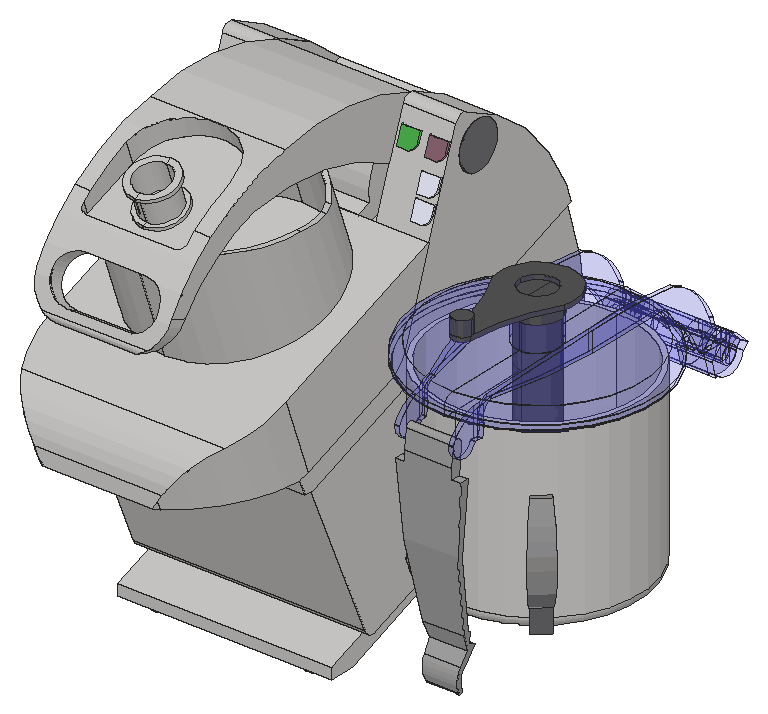
Revit family "QF_DITOSAMA_600436_DTRK55YG", category Specialty Equipment, Revit 2018 (continued)
Definition of nested family "QF_600532_BOWL"
  Lines and regions (mm)
    symbolic lines
      curve 50: arc (40.771, 54.948, 0) -> (114.476, -69.566, 0) -> (21.15, -180.138, 0) r 124.909
      curve 51: arc (-60.771, 41.751, 0) -> (-122.562, -68.863, 0) -> (-42.781, -167.295, 0) r 112.979
      curve 52: line (93.154, -162.392, 0) -> (78.293, -147.531, 0)
      curve 53: line (93.154, -162.392, 0) -> (74.048, -178.424, 0)
      curve 54: line (74.048, -178.424, 0) -> (61.96, -161.274, 0)
      curve 55: arc (-37.781, -168.686, 0) -> (-23.999, -171.284, 0) -> (-10, -172.155, 0) r 112.979
      curve 56: arc (-41.15, -180.138, 0) -> (-94.625, -151.05, 0) -> (-128, -100.142, 0) r 124.909
      curve 57: arc (22.781, -167.295, 0) -> (102.562, -68.863, 0) -> (40.771, 41.751, 0) r 112.979
      curve 58: arc (16.15, -181.317, 0) -> (3.148, -183.391, 0) -> (-10, -184.085, 0) r 124.909
      curve 59: line (16.15, -211, 0) -> (16.15, -177.864, 0)
      curve 60: line (-36.15, -211, 0) -> (-36.15, -177.864, 0)
      curve 61: line (-41.15, -211, 0) -> (21.15, -211, 0)
      curve 62: line (22.008, -210.888, 0) -> (22.008, -197.61, 0)
      curve 63: spline (-42.008, -197.61, 0) -> (-41.937, -197.617, 0) -> (-41.865, -197.622, 0) -> (-41.794, -197.626, 0) -> (-41.722, -197.627, 0) -> (-41.651, -197.627, 0) -> (-41.579, -197.625, 0) -> (-41.508, -197.621, 0) -> (-41.436, -197.615, 0) -> (-41.365, -197.608, 0) -> (-41.293, -197.598, 0) -> (-41.222, -197.587, 0) -> (-41.15, -197.574, 0)
      curve 64: line (-42.008, -210.888, 0) -> (-42.008, -197.61, 0)
      curve 65: arc (-128, -18.211, 0) -> (-101.973, 25.34, 0) -> (-60.771, 54.948, 0) r 124.909
      curve 66: arc (-128, -100.142, 0) -> (-134.909, -59.177, 0) -> (-128, -18.211, 0) r 124.909
      curve 67: line (-108, -177.764, 0) -> (-49.233, -177.764, 0)
      curve 68: line (-128, 191, 0) -> (-128, -17.764, 0)
      curve 69: line (29.233, -177.764, 0) -> (108, -177.764, 0)
      curve 70: line (-128, -97.764, 0) -> (-128, -157.764, 0)
      curve 71: line (-108, 211, 0) -> (108, 211, 0)
      curve 72: arc (-128, -157.764, 0) -> (-122.142, -171.906, 0) -> (-108, -177.764, 0) r 20
      curve 73: arc (108, -177.764, 0) -> (122.142, -171.906, 0) -> (128, -157.764, 0) r 20
      curve 74: arc (128, 191, 0) -> (122.142, 205.142, 0) -> (108, 211, 0) r 20
      curve 75: arc (-108, 211, 0) -> (-122.142, 205.142, 0) -> (-128, 191, 0) r 20
      curve 76: line (45.852, 123.86, 0) -> (-71.073, 123.86, 0)
      curve 77: line (45.852, 137.378, 0) -> (-65.852, 137.378, 0)
      curve 78: line (45.852, 143.082, 0) -> (-65.852, 143.082, 0)
      curve 79: line (53.607, 123.86, 0) -> (45.852, 123.86, 0)
      curve 80: line (45.852, 123.86, 0) -> (45.852, 170.216, 0)
      curve 81: line (45.852, 170.216, 0) -> (-65.852, 170.216, 0)
      curve 82: line (-65.852, 170.216, 0) -> (-65.852, 123.86, 0)
      curve 83: line (102.599, 101.361, 0) -> (117.599, 101.361, 0)
  Dimensions and locks
    plane 4 "TOP" to level = 705.4 mm  (x2)
    plane 7 "LEFT" to plane 3 "Center (Left/Right)" to plane 8 "RIGHT" = 128 mm, 128 mm
    plane 6 "BACK" to plane 1 "Center (Front/Back)" to plane 5 "FRONT" = 211 mm, 211 mm
    plane 6 "BACK" to plane 5 "FRONT" = 422 mm
    plane 7 "LEFT" to plane 8 "RIGHT" = 256 mm
    plane 9 "CenterX" to plane 3 "Center (Left/Right)" = 10 mm
    plane 12 to level = 510 mm
    aligned and locked: level to plane 2
    aligned and locked: Extrusion 5 to cut or joined group of Extrusion 8, Extrusion 9, Extrusion 11, Extrusion 20
